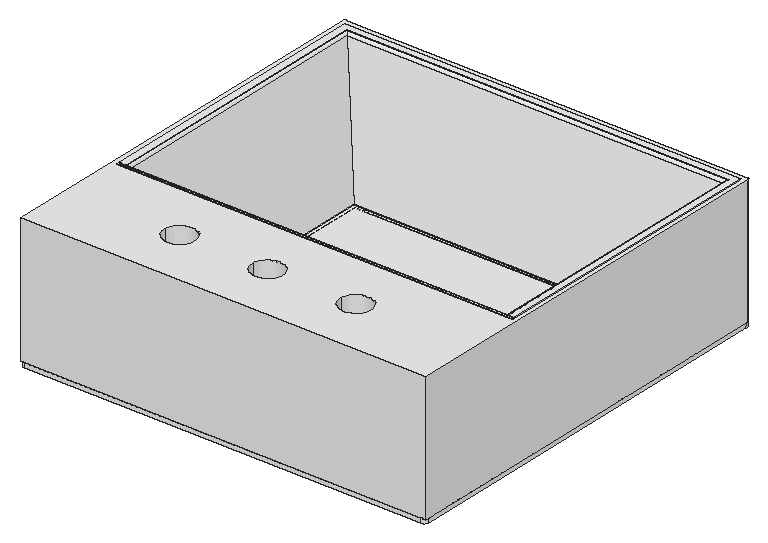
Revit family "Sink 460x460", category Plumbing Fixtures, Revit 2015
Parameters
  Material [instance] = Porcelain White
  Manufacturer = ""
  Assembly Code = ""
Reference planes
  plane 1 "Center (Front/Back)": y = 0
  plane 2: z = 0
  plane 3 "Center (Left/Right)": x = 0
  plane 4: x = -134.49
  plane 5: x = -249.489
  plane 6: x = -224.489
Forms (mm)
  Sweep 1, solid, material "Porcelain White" <- "Material"
    path origin (-125, -135, 730) x (1, 0, 0) y (0, 1, 0)
      loop
        line (-67.49, 264.881) -> (-67.49, 557) -> (317.489, 557) -> (317.489, 264.881)
    profile origin (0, 275.941, 0) x (-1, 0, 0) y (0, 0, 1)
      loop
        line (224.489, 869.958) -> (224.489, 874.958) -> (216.837, 874.958)
        arc (216.837, 874.958) -> (214.834, 873.463) -> (213.671, 871.252) r 5.658
        line (213.671, 871.252) -> (175.907, 730.317)
        arc (175.907, 730.317) -> (175.39, 730.081) -> (174.826, 730) r 2
        line (174.826, 730) -> (171.997, 730) -> (171.997, 724.958) -> (180.095, 724.958) -> (218.948, 869.958) -> (224.489, 869.958)
  Sweep 2, solid, material "Porcelain White" <- "Material"
    path origin (-125, -75, 730) x (1, 0, 0) y (0, 1, 0)
      loop
        line (-99.49, 205) -> (349.489, 205)
    profile origin (0, 0, 0) x (0, 1, 0) y (0, 0, 1)
      loop
        line (149.827, 731.749) -> (135.107, 873.207)
        arc (135.107, 873.207) -> (134.457, 874.486) -> (133.118, 875) r 2
        line (133.118, 875) -> (129.881, 875) -> (145.686, 724.958) -> (155.686, 724.958) -> (155.686, 730) -> (151.811, 730)
        arc (151.811, 730) -> (150.489, 730.5) -> (149.827, 731.749) r 2
  Extrusion 3, solid, material "Porcelain White" <- "Material"
    sketch origin (-125.979, -75, 754.958) x (1, 0, 0) y (0, 1, 0)
      loop
        arc (-101.021, 535) -> (-103.142, 534.121) -> (-104.021, 532) r 3
        line (-104.021, 532) -> (-104.021, 75) -> (355.979, 75) -> (355.979, 532)
        arc (355.979, 532) -> (355.1, 534.121) -> (352.979, 535) r 3
        line (352.979, 535) -> (-101.021, 535)
      loop
        circle (25.511, 139.361) r 17.5
      loop
        circle (125.511, 139.361) r 17.5
      loop
        circle (225.511, 139.361) r 17.5
      loop
        line (342.816, 521.348) -> (-90.858, 521.348) -> (-90.858, 205) -> (342.816, 205) -> (342.816, 521.348)
    from -24.958 to 120
  Extrusion 4, solid, material "Porcelain White" <- "Material"
    sketch origin (-125, -75, 730) x (1, 0, 0) y (0, 1, 0)
      loop
        arc (-105, 80) -> (-103.536, 76.464) -> (-100, 75) r 5
        line (-100, 75) -> (350, 75)
        arc (350, 75) -> (353.536, 76.464) -> (355, 80) r 5
        line (355, 80) -> (355, 530)
        arc (355, 530) -> (353.536, 533.536) -> (350, 535) r 5
        line (350, 535) -> (-100, 535)
        arc (-100, 535) -> (-103.536, 533.536) -> (-105, 530) r 5
        line (-105, 530) -> (-105, 80)
      loop
        circle (125.51, 275) r 23
    from -5.042 to 0
Lines and regions (mm)
  symbolic lines
    curve 1: line (-225, 460, 0) -> (225, 460, 0)
    curve 2: line (230, 455, 0) -> (230, 5, 0)
    curve 3: arc (230, 5, 0) -> (228.536, 1.464, 0) -> (225, 0, 0) r 5
    curve 4: line (225, 0, 0) -> (-225, 0, 0)
    curve 5: arc (-225, 0, 0) -> (-228.536, 1.464, 0) -> (-230, 5, 0) r 5
    curve 6: arc (-230, 455, 0) -> (-228.536, 458.536, 0) -> (-225, 460, 0) r 5
    curve 7: line (-211.837, 446.348, 0) -> (211.837, 446.348, 0)
    curve 8: arc (211.837, 446.348, 0) -> (215.373, 444.883, 0) -> (216.837, 441.348, 0) r 5
    curve 9: line (216.837, 441.348, 0) -> (216.837, 135, 0)
    curve 10: arc (216.837, 135, 0) -> (215.373, 131.464, 0) -> (211.837, 130, 0) r 5
    curve 11: line (211.837, 130, 0) -> (-211.837, 130, 0)
    curve 12: arc (-211.837, 130, 0) -> (-215.373, 131.464, 0) -> (-216.837, 135, 0) r 5
    curve 13: line (-216.837, 135, 0) -> (-216.837, 441.348, 0)
    curve 14: arc (-216.837, 441.348, 0) -> (-215.373, 444.883, 0) -> (-211.837, 446.348, 0) r 5
    curve 15: line (166.997, 155.686, 0) -> (-126.022, 155.686, 0)
    curve 16: line (-126.022, 155.686, 0) -> (-166.997, 155.686, 0)
    curve 17: arc (-166.997, 155.686, 0) -> (-170.533, 157.15, 0) -> (-171.997, 160.686, 0) r 5
    curve 18: line (-171.997, 160.686, 0) -> (-171.997, 396.508, 0)
    curve 19: arc (-171.997, 396.508, 0) -> (-170.533, 400.043, 0) -> (-166.997, 401.508, 0) r 5
    curve 20: line (-166.997, 401.508, 0) -> (166.997, 401.508, 0)
    curve 21: arc (23.511, 200, 0) -> (0.511, 177, 0) -> (-22.489, 200, 0) r 23
    curve 22: arc (-22.489, 200, 0) -> (0.511, 223, 0) -> (23.511, 200, 0) r 23
    curve 23: arc (-36.989, 200, 0) -> (0.511, 237.5, 0) -> (38.011, 200, 0) r 37.5
    curve 24: arc (38.011, 200, 0) -> (0.511, 162.5, 0) -> (-36.989, 200, 0) r 37.5
    curve 25: arc (-16.989, 64.361, 0) -> (0.511, 81.861, 0) -> (18.011, 64.361, 0) r 17.5
    curve 26: arc (18.011, 64.361, 0) -> (0.511, 46.861, 0) -> (-16.989, 64.361, 0) r 17.5
    curve 27: arc (83.011, 64.361, 0) -> (100.511, 81.861, 0) -> (118.011, 64.361, 0) r 17.5
    curve 28: arc (118.011, 64.361, 0) -> (100.511, 46.861, 0) -> (83.011, 64.361, 0) r 17.5
    curve 29: arc (-116.989, 64.361, 0) -> (-99.489, 81.861, 0) -> (-81.989, 64.361, 0) r 17.5
    curve 30: arc (-81.989, 64.361, 0) -> (-99.489, 46.861, 0) -> (-116.989, 64.361, 0) r 17.5
    curve 31: spline (-11.99, 136.838, 0) -> (-11.564, 137.639, 0) -> (-10.315, 138.385, 0) -> (-8.328, 139.026, 0) -> (-5.74, 139.518, 0) -> (-2.725, 139.827, 0) -> (0.51, 139.933, 0) -> (3.746, 139.827, 0) -> (6.76, 139.518, 0) -> (9.349, 139.026, 0) -> (11.336, 138.385, 0) -> (12.585, 137.639, 0) -> (13.01, 136.838, 0)
    curve 32: spline (-11.99, 136.838, 0) -> (-11.564, 136.036, 0) -> (-10.315, 135.29, 0) -> (-8.328, 134.649, 0) -> (-5.74, 134.157, 0) -> (-2.725, 133.848, 0) -> (0.51, 133.742, 0) -> (3.746, 133.848, 0) -> (6.76, 134.157, 0) -> (9.349, 134.649, 0) -> (11.336, 135.29, 0) -> (12.585, 136.036, 0) -> (13.01, 136.838, 0)
    curve 33: arc (166.997, 155.686, 0) -> (170.533, 157.15, 0) -> (171.997, 160.686, 0) r 5
    curve 34: line (171.997, 160.686, 0) -> (171.997, 396.508, 0)
    curve 35: arc (171.997, 396.508, 0) -> (170.533, 400.043, 0) -> (166.997, 401.508, 0) r 5
    curve 36: line (-229.989, 455.633, 0) -> (-229.989, 5, 0)
    curve 37: arc (230, 455, 0) -> (228.536, 458.536, 0) -> (225, 460, 0) r 5
Dimensions and locks
  curve 1 to curve 4 = 460 mm
  curve 7 to curve 1 = 13.652 mm
  curve 11 to curve 4 = 130 mm
  curve 15 to curve 11 = 25.686 mm
  curve 20 to curve 15 = 245.822 mm
  curve 20 to curve 7 = 44.84 mm
  curve 26 to curve 30 to curve 28 to curve 4 = 0 mm, 0 mm, 46.861 mm
  Extrusion 4 to Extrusion 4 = 460 mm
  Extrusion 3 to Extrusion 3 = 460 mm  (x2)
  Extrusion 3 to Extrusion 4 = 150 mm
